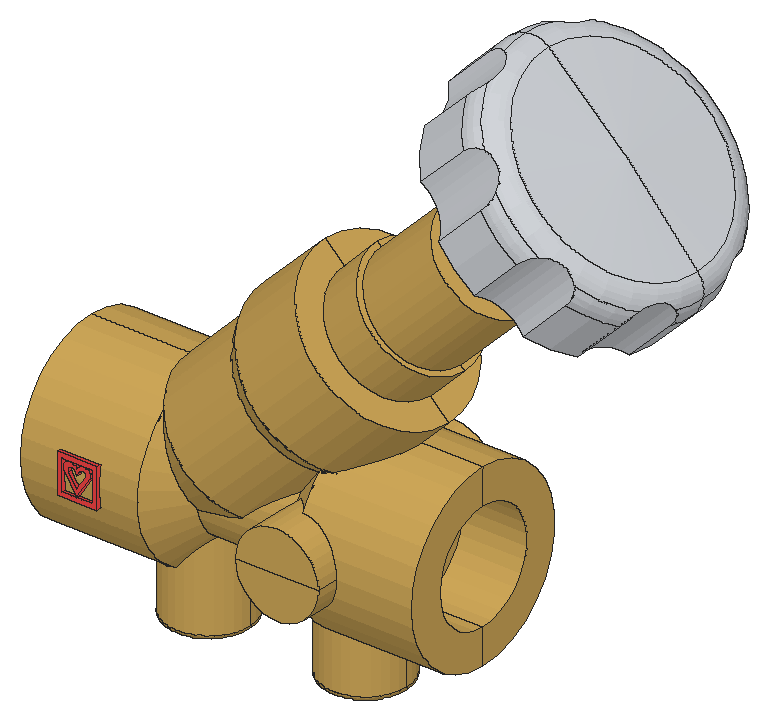
Revit family "Absperrventil 4125 D", category Rohrzubehör, Revit 2018
Family settings
  Bemaßung runder Anschluss = Durchmesser verwenden
  Teiletyp = Unterbricht
  OmniClass-Nummer = 23.65.55.14
  OmniClass-Titel = Valves for Liquid Services
  Arbeitsebenenbasiert = Nein
  Immer vertikal = Ja
  Beim Laden mit Abzugskörper schneiden = Nein
  Gemeinsam genutzt = Nein
Parameters
  W01 = 45.00°  # constant formula
  URL = "www.herz-armaturen.at"
  Spindel = "Messing CW617N\r"  # constant formula
  SW01 = 60.00°  # constant formula
  SCRNSEQ = "ARM;ARM_TYP=\"ABSV\";2"
  SCRNCODE = "05;07;02"  # constant formula
  S03 = 60.000 mm  # constant formula
  S02 [instance] = L06 + L09 + L12 + L15  # 113.800 mm
  S01 [instance] = R01 * 2  # 41.000 mm
  R12 [instance] = R01 - 1.000 mm  # 19.500 mm
  R11 [instance] = size_lookup("4125D_", "R11", 1.000 mm, Nennweite)  # 6.000 mm
  R100 = 1.000 mm  # constant formula
  R10 [instance] = size_lookup("4125D_", "R10", 1.000 mm, Nennweite)  # 9.000 mm
  R09 [instance] = size_lookup("4125D_", "R9", 1.000 mm, Nennweite)  # 12.750 mm
  R08 [instance] = size_lookup("4125D_", "R8", 1.000 mm, Nennweite)  # 14.000 mm
  R07 [instance] = size_lookup("4125D_", "R7", 1.000 mm, Nennweite)  # 20.000 mm
  R06 [instance] = size_lookup("4125D_", "R6", 1.000 mm, Nennweite)  # 17.750 mm
  R05 [instance] = Nennweite / 2  # 12.500 mm
  R04 [instance] = size_lookup("4125D_", "R4", 1.000 mm, Nennweite)  # 9.500 mm
  R03 = 9.500 mm  # constant formula
  R02 [instance] = Nennweite / 2  # 12.500 mm
  R01 [instance] = size_lookup("4125D_", "R1", 1.000 mm, Nennweite)  # 20.500 mm
  Oberteil = "entzinkungsbeständiges Messing CW602N"  # constant formula
  Nennweite [instance] = 25.000 mm
  Medium = "Heizungswasser nach ÖNORM H5195 oder VDI- Richtlinie 2035.\r\nDie Verwendung von Ethylen- oder Propyleneglykol in einem Mischungsverhältnis 25- 50% ist zulässig.\r\nEPDM-Dichtungen können durch Mineralöle und Schmiermittel beeinflusst werden, was zum Versagen der EPDM-Dichtungen führen kann."
  Max.Differenzdruck bei geschlossenen Sitz = 1000000.0 Pa  # constant formula
  Max.Betriebstemperatur = 110 °C  # constant formula
  Max.Betriebsdruck = 2000000.0 Pa  # constant formula
  L16 [instance] = L01 / 2  # 13.500 mm
  L15 [instance] = size_lookup("4125D_", "L15", 1.000 mm, Nennweite)  # 12.400 mm
  L14 [instance] = size_lookup("4125D_", "L14", 1.000 mm, Nennweite)  # 12.000 mm
  L12 [instance] = size_lookup("4125D_", "L12", 1.000 mm, Nennweite)  # 43.400 mm
  L11 [instance] = size_lookup("4125D_", "L11", 1.000 mm, Nennweite)  # 22.400 mm
  L10 [instance] = size_lookup("4125D_", "L10", 1.000 mm, Nennweite)  # 11.000 mm
  L09 [instance] = size_lookup("4125D_", "L9", 1.000 mm, Nennweite)  # 19.500 mm
  L08 [instance] = size_lookup("4125D_", "L8", 1.000 mm, Nennweite)  # 34.000 mm
  L07 [instance] = size_lookup("4125D_", "L7", 1.000 mm, Nennweite)  # 18.000 mm
  L06 [instance] = size_lookup("4125D_", "L6", 1.000 mm, Nennweite) - L09  # 38.500 mm
  L05 [instance] = size_lookup("4125D_", "L5", 1.000 mm, Nennweite)  # 25.500 mm
  L04 [instance] = size_lookup("4125D_", "L4", 1.000 mm, Nennweite)  # 25.500 mm
  L03 = 15.000 mm  # constant formula
  L02 [instance] = size_lookup("4125D_", "L2", 1.000 mm, Nennweite)  # 11.000 mm
  L01 [instance] = size_lookup("4125D_", "L1", 1.000 mm, Nennweite)  # 27.000 mm
  L00 [instance] = size_lookup("4125D_", "L", 1.000 mm, Nennweite)  # 90.000 mm
  Kegel = "entzinkungsbeständiges Messing CW602N"  # constant formula
  Hersteller = "HERZ Armaturen Ges.m.b.H."  # constant formula
  Handrad = "Polyamide"  # constant formula
  H01 [instance] = size_lookup("4125D_", "H1", 1.000 mm, Nennweite)  # 32.000 mm
  Gehäuse = "entzinkungsbeständiges Gussmessing CC752S"  # constant formula
  Dichtungen = "EPDM"  # constant formula
  DN80 [instance] = Nennweite = 80.000 mm  # no
  DN65 [instance] = Nennweite = 65.000 mm  # no
  DN50 [instance] = Nennweite = 50.000 mm  # no
  DN40 [instance] = Nennweite = 40.000 mm  # no
  DN32 [instance] = Nennweite = 32.000 mm  # no
  DN25-DN80 [instance] = or(Nennweite = 25.000 mm, Nennweite = 32.000 mm, Nennweite = 40.000 mm, Nennweite = 50.000 mm, Nennweite = 65.000 mm, Nennweite = 80.000 mm)  # yes
  DN25 [instance] = Nennweite = 25.000 mm  # yes
  DN20 [instance] = Nennweite = 20.000 mm  # no
  DN15 [instance] = Nennweite = 15.000 mm  # no
  Bestellnummer [instance] = size_lookup("4125D_", "Artnr", 0, Nennweite)  # 1412563
  Ausführung = "STRÖMAX-D-Absperrventile in Schrägsitzform, gelbe Ausführung,\r\nMuffe x Muffe, mit langen Gewindemuffen, nichtsteigender Spindel,\r\nSpindelabdichtung durch elastischen Doppel-O-Ring."
  Anwendungsgebiet = "Zuverlässiges Absperren von Leitungen in Heiz- und Kühlanalgen."
Reference planes
  plane 1 "Mitte (Vorne/hinten)": y = 0
  plane 2: z = 0
  plane 3 "Mitte (Links/rechts)": x = 0
Forms (mm)
  Revolve 1, solid, material "Messing, weicher Gelbton, geschweißt", detail levels fine
    sketch origin (470, 0, 0) x (1, 0, 0) y (0, 0, 1)
      loop
        line (-515, 12.5) -> (-500, 12.5) -> (-500, 0) -> (-440, 0) -> (-440, 12.5) -> (-425, 12.5) -> (-425, 20.5) -> (-452, 20.5) -> (-459, 12.5) -> (-481, 12.5) -> (-488, 20.5) -> (-515, 20.5) -> (-515, 12.5)
      axis (-515, 0) -> (-425, 0)
    angle from 0 to 360
  Revolve 2, solid, material "Messing, weicher Gelbton, geschweißt", detail levels fine
    sketch origin (470, 0, 0) x (1, 0, 0) y (0, 0, 1)
      loop
        line (-497.5, 0) -> (-497.5, -31)
        arc (-497.5, -31) -> (-497.207, -31.707) -> (-496.5, -32) r 1
        line (-496.5, -32) -> (-488, -32) -> (-488, 0) -> (-497.5, 0)
      axis (-488, 0) -> (-488, -32)
    angle from 0 to 360
  Revolve 3, solid, material "Messing, weicher Gelbton, geschweißt", detail levels fine
    sketch origin (0, 0, 0) x (1, 0, 0) y (0, 1, 0)
      loop
        line (18, -25.5) -> (27.5, -25.5) -> (27.5, 25.5) -> (18, 25.5) -> (18, -25.5)
      axis (18, -25.5) -> (18, 25.5)
    angle from 0 to 360
  Revolve 4, solid, material "Messing, weicher Gelbton, geschweißt", visible <- "DN25-DN80", detail levels fine
    sketch origin (-470, 0, 0) x (-1, 0, 0) y (0, 0, 1)
      loop
        line (-497.5, 0) -> (-497.5, -31)
        arc (-497.5, -31) -> (-497.207, -31.707) -> (-496.5, -32) r 1
        line (-496.5, -32) -> (-488, -32) -> (-488, 0) -> (-497.5, 0)
      axis (-488, 0) -> (-488, -32)
    angle from 0 to 360
  Revolve 5, solid, material "Messing, weicher Gelbton, geschweißt", detail levels fine
    sketch origin (0.32, 0, -0.105) x (1, 0, 0) y (0, 0, 1)
      loop
        line (-18.32, 0) -> (62.149, 80.469) -> (57.906, 84.711) -> (49.138, 75.943) -> (47.017, 78.065) -> (39.946, 70.994) -> (37.294, 73.645) -> (21.455, 57.806) -> (20.571, 58.69) -> (12.793, 50.912) -> (8.55, 55.154) -> (-5.239, 41.366) -> (-6.83, 36.593) -> (-22.386, 21.036) -> (-27.159, 8.839) -> (-18.32, 0)
      axis (-18.32, 0) -> (62.149, 80.469)
    angle from 0 to 360
Lines and regions (mm)
  model lines, detail levels coarse+medium
    curve 1: line (-45, 0, 20.5) -> (-45, 0, -20.5)
    curve 2: line (-45, 0, -20.5) -> (45, 0, 20.5)
    curve 3: line (45, 0, 20.5) -> (45, 0, -20.5)
    curve 4: line (45, 0, -20.5) -> (-45, 0, 20.5)
    curve 5: line (0, 0, 0) -> (56.9, 0, 98.554)
    curve 6: line (30.919, 0, 113.554) -> (82.881, 0, 83.554)
    curve 7: line (-45, -20.5, 0) -> (-45, 20.5, 0)
    curve 8: line (-45, 20.5, 0) -> (45, -20.5, 0)
    curve 9: line (45, -20.5, 0) -> (45, 20.5, 0)
    curve 10: line (45, 20.5, 0) -> (-45, -20.5, 0)
    curve 11: line (0, 0, 0) -> (56.9, 98.554, 0)
    curve 12: line (30.919, 113.554, 0) -> (82.881, 83.554, 0)
Dimensions and locks
  "H01": plane 2 to Revolve 2 sketch curve
  "L00": Revolve 1 sketch curve to Revolve 1 sketch curve
  equal spacing: Revolve 1 sketch curve, plane 3 "Mitte (Links/rechts)", Revolve 1 sketch curve
  "R01": Revolve 1 sketch curve to Revolve 1 sketch curve  (x2)
  "R02": Revolve 1 sketch curve to Revolve 1 sketch curve  (x3)
  "L01": Revolve 1 sketch curve to Revolve 1 sketch curve  (x2)
  "L02": plane 3 "Mitte (Links/rechts)" to Revolve 1 sketch curve
  "L02": Revolve 1 sketch curve to plane 3 "Mitte (Links/rechts)"
  "L03": Revolve 1 sketch curve to Revolve 1 sketch curve  (x2)
  "L01": Revolve 1 to Revolve 2 sketch curve
  "R03": Revolve 2 sketch curve to Revolve 2 sketch curve
  "L01": Revolve 4 sketch curve to Revolve 1
  "R03": Revolve 4 sketch curve to Revolve 4 sketch curve
  "H01": plane 2 to Revolve 4 sketch curve
  "L04": Revolve 3 sketch curve to plane 1 "Mitte (Vorne/hinten)"
  "L05": plane 1 "Mitte (Vorne/hinten)" to Revolve 3 sketch curve
  "R04": Revolve 3 sketch curve to Revolve 3 sketch curve
  "L01": Revolve 3 sketch curve to Revolve 1
  "R07": Revolve 5 sketch curve to Revolve 5 sketch curve
  "L07": plane 3 "Mitte (Links/rechts)" to Revolve 5 sketch curve
  "R05": Revolve 5 sketch curve to Revolve 5 sketch curve
  "L06": Revolve 5 sketch curve to Revolve 5 sketch curve
  "L08": Revolve 5 sketch curve to Revolve 5 sketch curve
  "R06": Revolve 5 sketch curve to Revolve 5 sketch curve
  "L14": Revolve 5 sketch curve to Revolve 5 sketch curve
  "L09": Revolve 5 sketch curve to Revolve 5 sketch curve
  "R08": Revolve 5 sketch curve to Revolve 5 sketch curve
  "L10": Revolve 5 sketch curve to Revolve 5 sketch curve
  "R09": Revolve 5 sketch curve to Revolve 5 sketch curve
  "R10": Revolve 5 sketch curve to Revolve 5 sketch curve
  "L12": Revolve 5 sketch curve to Revolve 5 sketch curve
  "R11": Revolve 5 sketch curve to Revolve 5 sketch curve
  "L15": Revolve 5 sketch curve to Revolve 5 sketch curve
  "L11": Revolve 5 sketch curve to Revolve 5 sketch curve
  "R12": nested 9 to plane 1 "Mitte (Vorne/hinten)"
  "L16": Revolve 1 to nested 9
  equal spacing: curve 1, plane 3 "Mitte (Links/rechts)", curve 3
  "L00": curve 1 to curve 3
  equal spacing: curve 4, plane 2, curve 2
  "S01": curve 4 to curve 1
  "S01": curve 3 to curve 4
  equal spacing: curve 3, plane 2, curve 4
  "S02": curve 5 to curve 5
  equal spacing: curve 6, curve 5, curve 6
  "S03": curve 6 to curve 6
  equal spacing: curve 7, plane 3 "Mitte (Links/rechts)", curve 9
  "L00": curve 7 to curve 9
  equal spacing: curve 10, plane 1 "Mitte (Vorne/hinten)", curve 8
  "S01": curve 8 to curve 10
  equal spacing: curve 9, plane 1 "Mitte (Vorne/hinten)", curve 10
  "S01": curve 10 to curve 9
  "S02": curve 11 to curve 11
  equal spacing: curve 12, curve 11, curve 12
  "S03": curve 12 to curve 12
  "R100": radius of Revolve 2 sketch curve
  "R100": radius of Revolve 4 sketch curve
  "W01": angle plane 2 to Revolve 5 sketch curve
  "W01": angle level to Revolve 5 sketch curve
  "SW01": angle plane 2 to curve 5
  "SW01": angle plane 1 "Mitte (Vorne/hinten)" to curve 11
  aligned and locked: level to plane 2
Automatic sketch dimensions
  curve 5 to level = 0.000 mm
  plane 1 "Mitte (Vorne/hinten)" to curve 11 = 0.000 mm
  Revolve 1 sketch curve to level = 0.000 mm  (x2)
  Revolve 1 sketch curve to Revolve 1 sketch curve = 791.990 mm
  Revolve 1 sketch curve to Revolve 1 sketch curve = 2278.983 mm
  Revolve 2 sketch curve to level = 0.000 mm  (x2)
  Revolve 2 sketch curve to Revolve 2 sketch curve = 0.000 mm
  Revolve 2 sketch curve to Revolve 2 sketch curve = 0.292 mm
  Revolve 3 sketch curve to Revolve 3 sketch curve = 0.000 mm  (x3)
  Revolve 4 sketch curve to level = 0.000 mm  (x2)
  Revolve 4 sketch curve to Revolve 4 sketch curve = 0.000 mm
  Revolve 4 sketch curve to Revolve 4 sketch curve = 0.292 mm
  Revolve 5 sketch curve to level = 0.105 mm
  Revolve 5 sketch curve to Revolve 5 sketch curve = 0.000 mm  (x2)
Nested families
  nested 1: "Strömax-Handrad_Schrägsitz" at (42.584, 0, 54.979), visible <- "DN15", type "Strömax-Handrad_Schrägsitz", detail levels fine
    with Nennweite 0.000 mm, Gewicht 0.00 kg, Bestellnummer 0
  nested 2: "Strömax-Handrad_Schrägsitz" at (54.312, 0, 67.707), visible <- "DN20", type "Strömax-Handrad_Schrägsitz", detail levels fine
    with Nennweite 0.000 mm, Gewicht 0.00 kg, Bestellnummer 0
  nested 3: "Strömax-Handrad_Schrägsitz" at (62.469, 0, 80.364), visible <- "DN25", type "Strömax-Handrad_Schrägsitz", detail levels fine
    with Nennweite 0.000 mm, Gewicht 0.00 kg, Bestellnummer 0
  nested 4: "Strömax-Handrad_Schrägsitz" at (71.712, 0, 91.607), visible <- "DN32", type "Strömax-Handrad_Schrägsitz", detail levels fine
    with Nennweite 0.000 mm, Gewicht 0.00 kg, Bestellnummer 0
  nested 5: "Strömax-Handrad_Schrägsitz" at (80.399, 0, 101.294), visible <- "DN40", type "Strömax-Handrad_Schrägsitz", detail levels fine
    with Nennweite 0.000 mm, Gewicht 0.00 kg, Bestellnummer 0
  nested 6: "Strömax-Handrad_Schrägsitz" at (97.83, 0, 129.225), visible <- "DN50", type "Strömax-Handrad_Schrägsitz", detail levels fine
    with Nennweite 0.000 mm, Gewicht 0.00 kg, Bestellnummer 0
  nested 7: "Strömax-Handrad_Schrägsitz" at (114.482, 0, 149.378), visible <- "DN65", type "Strömax-Handrad_Schrägsitz", detail levels fine
    with Nennweite 0.000 mm, Gewicht 0.00 kg, Bestellnummer 0
  nested 8: "Strömax-Handrad_Schrägsitz" at (140.423, 0, 183.319), visible <- "DN80", type "Strömax-Handrad_Schrägsitz", detail levels fine
    with Nennweite 0.000 mm, Gewicht 0.00 kg, Bestellnummer 0
  nested 9: "Herz-Logo-vorne" at (-31.5, -20.232, 0) x (0, 1, 0) z (0, 0, 1), type "Herz-Logo-vorne", detail levels fine
Connectors
  piping at (-30, 0, 0), diameter 25, driven by "Nennweite"
    settings: on Revolve 1, index 1, connector inside diameter 609.6 mm, connector length 0.000 mm, flow factor 0, pipe flow 0.0 L/s, pressure drop 0.0 Pa, fitting loss kfactor 0, connector angle 0.00°, fixture units 0, engagement length 0.000 mm, angle of deflection 0.00°, flow configuration 0, flow direction 1, fitting loss method 0, system type 29, joint type 0, gender type 0, connector reference index -1, connector utility 0, adjustable connector no, is connector primary yes, connector description ""
  piping at (30, 0, 0), diameter 25, driven by "Nennweite"
    settings: on Revolve 1, index 2, connector inside diameter 609.6 mm, connector length 0.000 mm, flow factor 0, pipe flow 0.0 L/s, pressure drop 0.0 Pa, fitting loss kfactor 0, connector angle 0.00°, fixture units 0, engagement length 0.000 mm, angle of deflection 0.00°, flow configuration 0, flow direction 2, fitting loss method 0, system type 29, joint type 0, gender type 0, connector reference index -1, connector utility 0, adjustable connector no, is connector primary no, connector description ""
Definition of nested family "Strömax-Handrad_Schrägsitz"
  Parameters (values of type "Strömax-Handrad_Schrägsitz")
    URL = "www.herz-armaturen.at"
    Nennweite [instance] = 0.000 mm
    Manufacturer = "Herz Armaturen GmbH"  # constant formula
    Gewicht [instance] = 0.00 kg
    Bestellnummer [instance] = 0
  Reference planes
    plane 1 "Mitte (Vorne/hinten)": y = 0
    plane 2: z = 0
    plane 3 "Mitte (Links/rechts)": x = 0
  Forms (mm)
    Revolve 1, solid
      sketch origin (0, 0, 0) x (0.707107, 0, -0.707107) y (0.707107, 0, 0.707107)
        loop
          line (0, 0) -> (0, 22)
          arc (0, 22) -> (-12.15, 21.705) -> (-24.271, 20.819) r 250
          arc (-24.271, 20.819) -> (-26.831, 19.959) -> (-28.754, 18.063) r 6
          arc (-28.754, 18.063) -> (-29.682, 16.008) -> (-30, 13.776) r 8
          line (-30, 13.776) -> (-30, 0) -> (0, 0)
        axis (0, 22) -> (0, 0)
      angle from 0 to 360
    Extrusion 2, void
      sketch origin (0, 0, 0) x (0.707107, 0, -0.707107) y (0, 1, 0)
        loop
          circle (14.351, -34.645) r 10
      from 0 to 22
    Extrusion 3, void
      sketch origin (0, 0, 0) x (-0.707107, 0, 0.707107) y (0, -1, 0)
        loop
          circle (14.351, 34.645) r 10
      from 0 to 22
    Extrusion 4, void
      sketch origin (0, 0, 0) x (0, -1, 0) y (0.707107, 0, -0.707107)
        loop
          circle (14.351, 34.645) r 10
      from 0 to 22
    Extrusion 5, void
      sketch origin (0, 0, 0) x (0, 1, 0) y (-0.707107, 0, 0.707107)
        loop
          circle (14.351, -34.645) r 10
      from 0 to 22
    Extrusion 6, void
      sketch origin (0, 0, 0) x (0, -1, 0) y (0.707107, 0, -0.707107)
        loop
          circle (14.351, -34.645) r 10
      from 0 to 22
    Extrusion 7, void
      sketch origin (0, 0, 0) x (0, 1, 0) y (-0.707107, 0, 0.707107)
        loop
          circle (14.351, 34.645) r 10
      from 0 to 22
    Extrusion 8, void
      sketch origin (0, 0, 0) x (0.707107, 0, -0.707107) y (0, 1, 0)
        loop
          circle (14.351, 34.645) r 10
      from 0 to 22
    Extrusion 9, void
      sketch origin (0, 0, 0) x (-0.707107, 0, 0.707107) y (0, -1, 0)
        loop
          circle (14.351, -34.645) r 10
      from 0 to 22
  Cuts and joins
    Extrusion 2, Extrusion 3, Extrusion 4, Extrusion 5, Extrusion 6, Extrusion 7, Extrusion 8, Extrusion 9 cuts Revolve 1
  Dimensions and locks
    aligned and locked: level to plane 2
Definition of nested family "Herz-Logo-vorne"
  Reference planes
    plane 1 "Mitte (Vorne/hinten)": y = 0
    plane 2: z = 0
    plane 3 "Mitte (Links/rechts)": x = 0
  Forms (mm)
    Extrusion 1, solid
      sketch origin (0.732, -0.018, 0.017) x (0, -1, 0) y (0, 0, 1)
        loop
          line (-0.018, -4.517) -> (4.482, -4.517) -> (4.482, 4.483) -> (-4.518, 4.483) -> (-4.518, -4.517) -> (-0.018, -4.517)
        loop
          line (-0.05, -3.48) -> (3.482, -3.48) -> (3.482, 3.483) -> (-3.518, 3.483) -> (-3.518, -3.48) -> (-0.05, -3.48)
        loop
          arc (-0.018, 2.383) -> (-1.543, 3.287) -> (-3.067, 2.383) r 1.738
          arc (-3.067, 2.383) -> (-3.191, 1.899) -> (-3.067, 1.415) r 1.009
          line (-3.067, 1.415) -> (-0.018, -3.281) -> (3.032, 1.415)
          arc (3.032, 1.415) -> (3.156, 1.899) -> (3.032, 2.383) r 1.009
          arc (3.032, 2.383) -> (1.507, 3.287) -> (-0.018, 2.383) r 1.738
        loop
          arc (1.885, 1.272) -> (2.005, 1.675) -> (1.885, 2.079) r 0.74
          arc (1.885, 2.079) -> (1.265, 2.416) -> (0.644, 2.079) r 0.74
          line (0.644, 2.079) -> (-0.018, 0.97) -> (-0.679, 2.079)
          arc (-0.679, 2.079) -> (-1.3, 2.416) -> (-1.921, 2.079) r 0.74
          arc (-1.921, 2.079) -> (-2.04, 1.675) -> (-1.921, 1.272) r 0.74
          line (-1.921, 1.272) -> (-0.018, -1.658) -> (1.885, 1.272)
      from 0 to 1.5
  Dimensions and locks
    aligned and locked: level to plane 2
